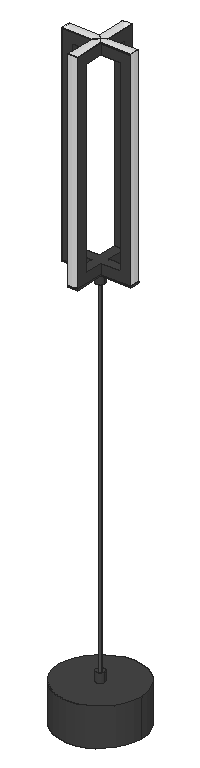
Revit family "AFX-Cass-Led_Pendant-1", category Lighting Fixtures, host Face, Revit 2021
Family settings
  Host = Face
  Round Connector Dimension = Use Diameter
  Part Type = Normal
  Cut with Voids When Loaded = No
  Light Source = Yes
  Shared = No
  Room Calculation Point = No
Parameters (values of type "CSSP12L30D1BK")
  Wattage Comments = "15W"
  Wattage = 9.2903 W
  built-in parameter 1150110 = 1 (stored number, unit not read)
  Voltage = 120 V
  URL = "https://www.afxinc.com/"
  Type Comments = "Cass"  # constant formula
  built-in parameter 1114217 = 1 (stored number, unit not read)
  Tilt Angle = -90.00°
  built-in parameter 1150109 = 1 (stored number, unit not read)
  built-in parameter 1150134 = 3
  built-in parameter 1150113 = 1 (stored number, unit not read)
  Support Finish = AFX - Aluminum Black
  Product Documentation Link = "https://www.afxinc.com/products/productDetail.cfm?productID=1591"
  Photometric Web File = "CSSP12L30D1XX.IES"
  Model = "CSSP12L30D1BK"
  Manufacturer = "AFX Inc"  # constant formula
  built-in parameter 1150105 = 109.82 (stored number, unit not read)
  Lumens = 1380 lm
  built-in parameter 1150115 = 1 (stored number, unit not read)
  built-in parameter 1150137 = (empty or 0)
  built-in parameter 1150139 = (empty or 0)
  built-in parameter 1150112 = 1 (stored number, unit not read)
  built-in parameter 1150114 = 1 (stored number, unit not read)
  Keynote = "12500"
  built-in parameter 1150132 = (empty or 0)
  built-in parameter 1150102 = (empty or 0)
  built-in parameter 1150107 = 3200 (stored number, unit not read)
  built-in parameter 1150138 = (empty or 0)
  built-in parameter 1150106 = 1.0982 (stored number, unit not read)
  Height = 12"
  Frame Finish = AFX - Aluminum Black
  Emit from Circle Diameter = 24"
  Emit Shape Visible in Rendering = no
  built-in parameter 1150104 = 13.8 (stored number, unit not read)
  Distance Cord Range [instance] = if(L Cord > 108", "Not Range", "9 ft. (108 In) - Adjustable Cord")  # "9 ft. (108 In) - Adjustable Cord"
  Distance Cord [instance] = 20"
  Distance Body = Height / 2  # 6"
  Dist Ies = 0"
  Dimming Lamp Color Temperature Shift = <None>
  Diffuser Finish = AFX - White Acrylic
  Diameter = 4"
  Description = "Contemporary LED linear pendant with four sided illumination White acrylic diffuser and 9 ft adjustable cord - 4\"Diameter x 12\"H"
  Default Elevation = 48"
  L Cord [instance] = if(or(Distance Cord > 108", Distance Cord < 10"), 20", Distance Cord)  # 20"
  Cord Finish = AFX - Plastic Black
  Colour Rendering Index = "90"
  Color Filter = 16777215
  Canopy Finish = AFX - Aluminum Black
  built-in parameter 1114218 = 1 (stored number, unit not read)
  built-in parameter 1150133 = 10 (stored number, unit not read)
  Assembly Code = "D5020200"
  Apparent Load = 0 VA
Types (5): name | Wattage Comments | Photometric Web File | Model | Height | Distance Body | Dist Ies | Description
  (no name) | "15W" | "CSSP12L30D1XX.IES" | "CSSP12L30D1BK" | 12" | 6" | 0" | "Contemporary LED linear pendant with four sided illumination White acrylic diffuser and 9 ft adjustable cord - 4\"Diameter x 12\"H"
  CSSP12L30D1BK | "15W" | "CSSP12L30D1XX.IES" | "CSSP12L30D1BK" | 12" | 6" | 0" | "Contemporary LED linear pendant with four sided illumination White acrylic diffuser and 9 ft adjustable cord - 4\"Diameter x 12\"H"
  CSSP24L30D1BK | "25W" | "CSSP24L30D1XX.IES" | "CSSP24L30D1BK" | 24" | 12" | 10" | "Contemporary LED linear pendant with four sided illumination White acrylic diffuser and 9 ft adjustable cord - 4\"Diameter x 24\"H"
  CSSP36L30D1BK | "36W" | "CSSP36L30D1XX.IES" | "CSSP36L30D1BK" | 36" | 18" | 18" | "Contemporary LED linear pendant with four sided illumination White acrylic diffuser and 9 ft adjustable cord - 4\"Diameter x 36\"H"
  CSSP48L30D1BK | "40W" | "CSSP48L30D1XX.IES" | "CSSP48L30D1BK" | 48" | 24" | 24" | "Contemporary LED linear pendant with four sided illumination White acrylic diffuser and 9 ft adjustable cord - 4\"Diameter x 48\"H"
Reference planes (in)
  plane 1 "Center (Front/Back)": y = 0
  plane 2: z = 0
  plane 3 "Center (Left/Right)": x = 0
  plane 4: z = 23.14961
  plane 5: z = 22.65748
  plane 6: z = 2.16535
  plane 7: z = 2.65748
  plane 8: z = 29.14961
Forms (in)
  Extrusion 1, solid, material "AFX - Aluminum Black" <- "Canopy Finish"
    sketch origin (0, 0, 0) x (1, 0, 0) y (0, 1, 0)
      loop
        circle (0, 0) r 2.375
    from 0 to 2.16535
  Extrusion 2, solid, material "AFX - Aluminum Black" <- "Support Finish"
    sketch origin (0, 0, 0) x (1, 0, 0) y (0, 1, 0)
      loop
        circle (0, 0) r 0.25
    from 2.16535 to 2.65748
  Extrusion 3, solid, material "AFX - Aluminum Black" <- "Support Finish"
    sketch origin (0, 0, 10.75) x (1, 0, 0) y (0, 1, 0)
      loop
        circle (0, 0) r 0.25
    from 11.90748 to 12.39961
  Extrusion 4, solid, material "AFX - Plastic Black" <- "Cord Finish"
    sketch origin (0, 0, 0) x (1, 0, 0) y (0, 1, 0)
      loop
        circle (0, 0) r 0.07813
    from 2.65748 to 22.65748
Lines and regions (in)
  symbolic lines
    curve 1: arc (2.375, 0, 0) -> (0, 2.375, 0) -> (-2.375, 0, 0) r 2.375
    curve 2: arc (-2.375, 0, 0) -> (0, -2.375, 0) -> (2.375, 0, 0) r 2.375
Dimensions and locks (in)
  plane 7 to plane 6 to plane 2 = 0.49213" locked, 2.16535" locked
  plane 4 to plane 5 = 0.49213"
  "L Cord": plane 5 to plane 7
  "Distance Body": plane 8 to plane 4
  "Dist Ies": imposter light to plane 4
  aligned and locked: plane 2 to host face
  aligned and locked: level to host face
  aligned and locked: Extrusion 1 to plane 2
  aligned and locked: plane 6 to Extrusion 1
  aligned and locked: Extrusion 2 to plane 6
  aligned and locked: plane 7 to Extrusion 2
  aligned and locked: plane 4 to Extrusion 3
  aligned and locked: Extrusion 3 to plane 5
  aligned and locked: plane 5 to Extrusion 4
  aligned and locked: Extrusion 4 to plane 7
  aligned and locked: imposter light to plane 1 "Center (Front/Back)"
  aligned and locked: plane 3 "Center (Left/Right)" to imposter light
  aligned and locked: plane 1 "Center (Front/Back)" to nested 1
  aligned and locked: plane 3 "Center (Left/Right)" to nested 1
  aligned and locked: plane 8 to nested 1
  aligned and locked: curve 1 to Extrusion 1
  aligned and locked: curve 2 to Extrusion 1
Automatic sketch dimensions
  host sketch curve to host sketch curve = 96"  (x2)
  plane 1 "Center (Front/Back)" to Extrusion 1 sketch curve = 0"
  Extrusion 1 sketch curve to plane 3 "Center (Left/Right)" = 0"
  plane 1 "Center (Front/Back)" to Extrusion 2 sketch curve = 0"
  Extrusion 2 sketch curve to plane 3 "Center (Left/Right)" = 0"
  plane 1 "Center (Front/Back)" to Extrusion 3 sketch curve = 0"
  Extrusion 3 sketch curve to plane 3 "Center (Left/Right)" = 0"
  plane 1 "Center (Front/Back)" to Extrusion 4 sketch curve = 0"
  Extrusion 4 sketch curve to plane 3 "Center (Left/Right)" = 0"
  radius of Extrusion 1 sketch curve = 2 3/8"
  radius of Extrusion 2 sketch curve = 1/4"
  radius of Extrusion 3 sketch curve = 1/4"
  radius of Extrusion 4 sketch curve = 5/64"
Nested families (in)
  nested 1: "CSSP LED" at (0, 0, 1.29921), H Body <- "Height", Diffuser Finish <- "Diffuser Finish", Frame Finish <- "Frame Finish", Diameter <- "Diameter", type "CSSP LED"
    with H Body 12", Frame Finish AFX - Aluminum Black, Diffuser Finish AFX - White Acrylic, Diameter 4"
Connectors (in)
  electrical at (0, 0, 0), driven by "Voltage", driven by "Apparent Load"
    settings: on Extrusion 1, index 1, voltage 120 V, apparent load 0 VA, apparent load phase1 0 VA, apparent load phase2 0 VA, apparent load phase3 0 VA, power factor 1, load classification "Lighting", number of poles 1, system type 31, power factor state 1, is connector primary yes, connector utility no, sub classification motor no, connector description ""
Definition of nested family "CSSP LED"
  Parameters (values of type "CSSP LED")
    H Body [instance] = 12"
    Frame Finish [instance] = none
    Diffuser Finish [instance] = none
    Diameter [instance] = 4"
    Default Elevation = 0"
  Reference planes (in)
    plane 1 "Center (Front/Back)": y = 0
    plane 2: z = 0
    plane 3 "Center (Left/Right)": x = 0
    plane 4: z = 21.85039
    plane 5: z = 33.85039
    plane 6: z = 21.92913
    plane 7: x = -2
    plane 8: x = 2
    plane 9: y = 2
    plane 10: y = -2
    plane 11: z = 27.85039
  Forms (in)
    Sweep 1, solid, material <- "Diffuser Finish"
      path origin (0, 0, 0) x (1, 0, 0) y (0, 0, 1)
        loop
          line (-2, 21.92913) -> (-2, 33.85039) -> (2, 33.85039) -> (2, 21.92913)
      profile origin (-2, 0, 27.88976) x (-1, 0, 0) y (0, -1, 0)
        loop
          arc (-0.02504, -0.27559) -> (0, 0) -> (-0.02504, 0.27559) r 1.52887
          line (-0.02504, 0.27559) -> (-0.05704, 0.27559) -> (-0.05704, -0.27559) -> (-0.02504, -0.27559)
    Sweep 2, solid, material <- "Frame Finish"
      path origin (0, 0, 0) x (1, 0, 0) y (0, 0, 1)
        loop
          line (-1.37795, 22.49554) -> (1.37795, 22.49554) -> (1.37795, 33.22694) -> (-1.37795, 33.22694) -> (-1.37795, 22.49554)
      profile origin (0, 0, 22.49554) x (0, 0, 1) y (0, -1, 0)
        loop
          line (0, 0.27559) -> (-0.56641, 0.27559) -> (-0.56641, 0.22047) -> (-0.25145, 0.22047) -> (-0.25145, -0.22047) -> (-0.56641, -0.22047) -> (-0.56641, -0.27559) -> (0, -0.27559) -> (0, 0.27559)
    Sweep 3, solid, material <- "Diffuser Finish"
      path origin (0, 0, 0) x (0, 1, 0) y (0, 0, 1)
        loop
          line (-2, 21.92913) -> (-2, 33.85039) -> (2, 33.85039) -> (2, 21.92913)
      profile origin (0, -2, 27.88976) x (0, -1, 0) y (1, 0, 0)
        loop
          arc (-0.02504, -0.27559) -> (0, 0) -> (-0.02504, 0.27559) r 1.52887
          line (-0.02504, 0.27559) -> (-0.05704, 0.27559) -> (-0.05704, -0.27559) -> (-0.02504, -0.27559)
    Sweep 4, solid, material <- "Frame Finish"
      path origin (0, 0, 0) x (0, 1, 0) y (0, 0, 1)
        loop
          line (-1.37795, 22.49554) -> (1.37795, 22.49554) -> (1.37795, 33.22694) -> (-1.37795, 33.22694) -> (-1.37795, 22.49554)
      profile origin (0, 0, 22.49554) x (0, 0, 1) y (1, 0, 0)
        loop
          line (0, 0.27559) -> (-0.56641, 0.27559) -> (-0.56641, 0.22047) -> (-0.25145, 0.22047) -> (-0.25145, -0.22047) -> (-0.56641, -0.22047) -> (-0.56641, -0.27559) -> (0, -0.27559) -> (0, 0.27559)
    Extrusion 5, solid, material <- "Frame Finish"
      sketch origin (0, 0, 0) x (1, 0, 0) y (0, 1, 0)
        loop
          line (-1.97496, -0.27559) -> (-0.27559, -0.27559) -> (-0.27559, -1.97496)
          arc (-0.27559, -1.97496) -> (0, -2) -> (0.27559, -1.97496) r 1.52887
          line (0.27559, -1.97496) -> (0.27559, -0.27559) -> (1.97496, -0.27559)
          arc (1.97496, -0.27559) -> (2, 0) -> (1.97496, 0.27559) r 1.52887
          line (1.97496, 0.27559) -> (0.27559, 0.27559) -> (0.27559, 1.97496)
          arc (0.27559, 1.97496) -> (0, 2) -> (-0.27559, 1.97496) r 1.52887
          line (-0.27559, 1.97496) -> (-0.27559, 0.27559) -> (-1.97496, 0.27559)
          arc (-1.97496, 0.27559) -> (-2, 0) -> (-1.97496, -0.27559) r 1.52887
      from 21.85039 to 21.92913
  Cuts and joins
    joined: Sweep 2, Sweep 4
    joined: Sweep 1, Sweep 3
  Lines and regions (in)
    symbolic lines, detail levels medium+fine
      curve 1: arc (1.97496, -0.27559, 0) -> (2, 0, 0) -> (1.97496, 0.27559, 0) r 1.52887
      curve 2: line (1.97496, 0.27559, 0) -> (0.27559, 0.27559, 0)
      curve 3: line (0.27559, -0.27559, 0) -> (1.97496, -0.27559, 0)
      curve 4: line (0.27559, -1.97496, 0) -> (0.27559, -0.27559, 0)
      curve 5: line (-0.27559, -0.27559, 0) -> (-0.27559, -1.97496, 0)
      curve 6: line (-1.97496, -0.27559, 0) -> (-0.27559, -0.27559, 0)
      curve 7: line (-0.27559, 0.27559, 0) -> (-1.97496, 0.27559, 0)
      curve 8: line (-0.27559, 1.97496, 0) -> (-0.27559, 0.27559, 0)
      curve 9: line (0.27559, 0.27559, 0) -> (0.27559, 1.97496, 0)
      curve 10: arc (0.27559, 1.97496, 0) -> (0, 2, 0) -> (-0.27559, 1.97496, 0) r 1.52887
      curve 11: arc (-0.27559, -1.97496, 0) -> (0, -2, 0) -> (0.27559, -1.97496, 0) r 1.52887
      curve 12: arc (-1.97496, 0.27559, 0) -> (-2, 0, 0) -> (-1.97496, -0.27559, 0) r 1.52887
  Dimensions and locks (in)
    "H Body": plane 5 to plane 4
    locked: plane 6 to plane 4 at 0.07874
    equal spacing: plane 7, plane 3 "Center (Left/Right)", plane 8
    "Diameter": plane 7 to plane 8
    equal spacing: plane 9, plane 1 "Center (Front/Back)", plane 10
    "Diameter": plane 9 to plane 10
    locked: plane 5 to Sweep 2 sketch curve at 0.62345
    locked: Sweep 2 sketch curve to plane 7 at 0.62205
    locked: plane 8 to Sweep 2 sketch curve at 0.62205
    locked: Sweep 2 sketch curve to plane 6 at 0.56641
    locked: plane 5 to Sweep 4 sketch curve at 0.62345
    locked: Sweep 4 sketch curve to plane 6 at 0.56641
    locked: plane 9 to Sweep 4 sketch curve at 0.62205
    locked: Sweep 4 sketch curve to plane 10 at 0.62205
    equal spacing: plane 5, plane 11, plane 4
    aligned and locked: plane 2 to level
    aligned and locked: plane 6 to Sweep 1 sketch curve  (x2)
    aligned and locked: Sweep 1 sketch curve to plane 5
    aligned and locked: plane 7 to Sweep 1 sketch curve
    aligned and locked: Sweep 1 sketch curve to plane 8
    aligned and locked: plane 5 to Sweep 3 sketch curve
    aligned and locked: plane 9 to Sweep 3 sketch curve
    aligned and locked: Sweep 3 sketch curve to plane 10
    aligned and locked: plane 6 to Sweep 3 sketch curve  (x2)
    aligned and locked: plane 6 to Extrusion 5
    aligned and locked: Extrusion 5 to plane 4
    aligned and locked: curve 11 to Extrusion 5
    aligned and locked: curve 12 to Extrusion 5
  Automatic sketch dimensions
    plane 1 "Center (Front/Back)" to Sweep 1 sketch curve = 0"
    profile plane to Sweep 1 sketch curve = 1.52887"
    profile plane to Sweep 1 sketch curve = 0.05704"
    plane 1 "Center (Front/Back)" to Sweep 1 sketch curve = 0.27559"
    profile plane to Sweep 1 sketch curve = 0.02504"  (x2)
    profile plane to Sweep 2 sketch curve = 0"
    profile plane to Sweep 2 sketch curve = 0.25145"
    Sweep 2 sketch curve to Sweep 2 sketch curve = 0.31496"
    Sweep 2 sketch curve to plane 1 "Center (Front/Back)" = 0.27559"
    Sweep 2 sketch curve to plane 1 "Center (Front/Back)" = 0.22047"
    plane 1 "Center (Front/Back)" to Sweep 2 sketch curve = 0.27559"
    plane 1 "Center (Front/Back)" to Sweep 2 sketch curve = 0.22047"
    Sweep 2 sketch curve to Sweep 2 sketch curve = 0"
    Sweep 3 sketch curve to profile plane = 0"
    profile plane to Sweep 3 sketch curve = 1.52887"
    profile plane to Sweep 3 sketch curve = 0.05704"
    profile plane to Sweep 3 sketch curve = 0.02504"  (x2)
    Sweep 3 sketch curve to profile plane = 0.27559"
    Sweep 4 sketch curve to profile plane = 0"
    profile plane to Sweep 4 sketch curve = 0.25145"
    Sweep 4 sketch curve to Sweep 4 sketch curve = 0.31496"  (x2)
    Sweep 4 sketch curve to profile plane = 0.27559"
    Sweep 4 sketch curve to Sweep 4 sketch curve = 0.05512"  (x2)
    profile plane to Sweep 4 sketch curve = 0.22047"
    plane 1 "Center (Front/Back)" to Extrusion 5 sketch curve = 0"  (x2)
    Extrusion 5 sketch curve to plane 3 "Center (Left/Right)" = 0"  (x2)
    plane 10 to Extrusion 5 sketch curve = 0.02504"  (x2)
    plane 9 to Extrusion 5 sketch curve = 0.02504"
    Extrusion 5 sketch curve to plane 3 "Center (Left/Right)" = 0.27559"
    Extrusion 5 sketch curve to Extrusion 5 sketch curve = 0.19554"  (x3)
    plane 7 to Extrusion 5 sketch curve = 0.02504"  (x2)
    plane 3 "Center (Left/Right)" to Extrusion 5 sketch curve = 0.27559"  (x2)
    plane 8 to Extrusion 5 sketch curve = 0.02504"  (x2)
    plane 1 "Center (Front/Back)" to Extrusion 5 sketch curve = 0.47113"
    plane 1 "Center (Front/Back)" to Extrusion 5 sketch curve = 0.27559"  (x2)
    plane 1 "Center (Front/Back)" to curve 1 = 0"
    plane 3 "Center (Left/Right)" to curve 1 = 0.47113"
    plane 8 to curve 2 = 0.02504"
    curve 2 to plane 1 "Center (Front/Back)" = 0.27559"
    plane 3 "Center (Left/Right)" to curve 2 = 0.27559"
    plane 8 to curve 1 = 0.02504"
    plane 10 to curve 4 = 0.02504"
    plane 7 to curve 6 = 0.02504"
    plane 10 to curve 5 = 0.02504"
    curve 7 to plane 3 "Center (Left/Right)" = 0.27559"
    plane 7 to curve 7 = 0.02504"
    plane 9 to curve 8 = 0.02504"
    plane 9 to curve 9 = 0.02504"
    curve 7 to curve 10 = 0.19554"
